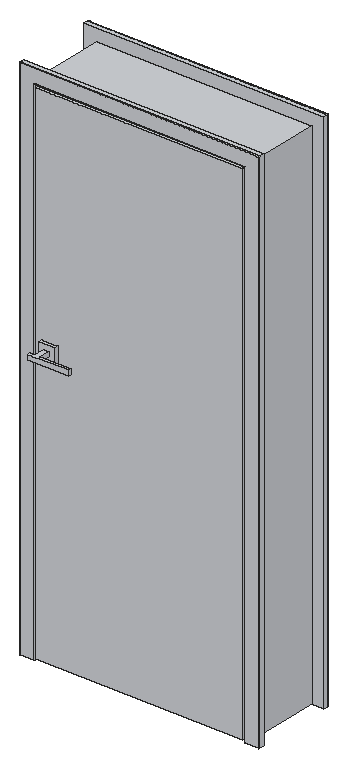
Revit family "Desire_1_bp", category Drzwi, Revit 2016
Family settings
  Obiekt nadrzędny = Ściana
  Zawsze pionowo = Tak
  Tnij formami wycięć po wczytaniu = Nie
  Współdzielony = Nie
  Punkt obliczania pomieszczeń = Nie
Parameters (values of type "80 cm x 202 cm")
  Zakres szerokości muru [instance] = if(and(Szerokość ściany > 94 mm, Szerokość ściany < 120 mm), "B", (if(and(Szerokość ściany > 119 mm, Szerokość ściany < 140 mm), "C", (if(and(Szerokość ściany > 139 mm, Szerokość ściany < 160 mm), "D", (if(and(Szerokość ściany > 159 mm, Szerokość ściany < 180 mm), "E", (if(and(Szerokość ściany > 179 mm, Szerokość ściany < 200 mm), "F", (if(and(Szerokość ściany > 199 mm, Szerokość ściany < 220 mm), "G", (if(and(Szerokość ściany > 219 mm, Szerokość ściany < 240 mm), "H", (if(and(Szerokość ściany > 239 mm, Szerokość ściany < 260 mm), "I", (if(and(Szerokość ściany > 259 mm, Szerokość ściany < 280 mm), "J", (if(and(Szerokość ściany > 279 mm, Szerokość ściany < 301 mm), "K", "BRAK")))))))))))))))))))  # "K"
  Wysokość brutto = 2060 mm
  Szerokość ściany [instance] = 300 mm
  Szerokość brutto = 880 mm
  Model = "Desire 1"  # constant formula
  Konstrukcja analityczna = "<Brak>"
  Funkcja = Wewnętrzna
  URL = "www.porta.com.pl"
  Ss = 818 mm
  Sb = 846 mm
  Producent = "PORTA KMI POLAND"  # constant formula
  Keynote = ""
  Opis = "Własność Porta KMI Poland, wszelkie prawa zastrzeżone."  # constant formula
  Wysokość = 2016 mm
  Zakończenie ściany = Wg obiektu nadrzędnego
  Szerokość = 800 mm
  Materiał_skrzydło [instance] = none
  Materiał_ościeżnica [instance] = none
  Materiał_klamka [instance] = none
  Hs = 2017 mm
Types (4, lengths in mm): name | Wysokość brutto | Szerokość brutto | Ss | Sb | Wysokość | Szerokość | Hs
  80 cm x 202 cm | 2060 | 880 | 818 | 846 | 2016 | 800 | 2017
  90 cm x 202 cm | 2060 | 980 | 918 | 946 | 2016 | 900 | 2017
  80 cm x 220 cm | 2243 | 880 | 818 | 846 | 2200 | 800 | 2200
  90 cm x 220 cm | 2243 | 980 | 918 | 946 | 2200 | 900 | 2200
Reference planes
  plane 1: y = 0
  plane 2 "Środek (Lewa/Prawa)": x = 0
  plane 3 "Lewy": x = -440
  plane 4 "Prawy": x = 440
  plane 5: z = 2060
  plane 6 "Zewnętrzna": y = 150
  plane 7 "Wewnętrzna": y = -150
  plane 8 "skrzydło": y = -129
  plane 9: x = -409
  plane 10: x = 409
Forms (mm)
  Sweep 1, solid, material <- "Materiał_ościeżnica"
    path in 3D
      loop
        line (-440, -150, 0) -> (-440, -150, 2060) -> (440, -150, 2060) -> (440, -150, 0)
    profile origin (-440, -150, 1030) x (0, -1, 0) y (1, 0, 0)
      loop
        line (-24, 39) -> (-72, 39) -> (-72, 17) -> (0, 17) -> (0, -33) -> (16, -33)
        arc (16, -33) -> (18.121, -32.121) -> (19, -30) r 3
        line (19, -30) -> (19, 24)
        arc (19, 24) -> (18.121, 26.121) -> (16, 27) r 3
        line (16, 27) -> (-24, 27) -> (-24, 39)
  Sweep 2, solid, material <- "Materiał_ościeżnica"
    path in 3D
      loop
        line (440, 150, 0) -> (440, 150, 2060) -> (-440, 150, 2060) -> (-440, 150, 0)
    profile origin (-440, 150, 1030) x (1, 0, 0) y (0, 1, 0)
      loop
        line (-33, 0) -> (17, 0) -> (17, -228) -> (39, -228) -> (39, -1)
        arc (39, -1) -> (37.536, 2.536) -> (34, 4) r 5
        line (34, 4) -> (25, 4) -> (25, 16)
        arc (25, 16) -> (24.121, 18.121) -> (22, 19) r 3
        line (22, 19) -> (-30, 19)
        arc (-30, 19) -> (-32.121, 18.121) -> (-33, 16) r 3
        line (-33, 16) -> (-33, 0)
Cuts and joins
  joined: Sweep 1, Sweep 2
Lines and regions (mm)
  Opening 1
    outline origin (-3050, -150, 0) x (1, 0, 0) y (0, 0, 1)
      loop
        line (2610, 0) -> (3490, 0) -> (3490, 2060) -> (2610, 2060) -> (2610, 0)
  sketch lines
    curve 1: line (-440, -150, 0) -> (-440, -150, 2060)
    curve 2: line (-440, -150, 2060) -> (440, -150, 2060)
    curve 3: line (440, -150, 2060) -> (440, -150, 0)
    curve 4: line (-440, 150, 2060) -> (-440, 150, 0)
    curve 5: line (440, 150, 2060) -> (-440, 150, 2060)
    curve 6: line (440, 150, 0) -> (440, 150, 2060)
  symbolic lines, style "DoorsPanelProjection"
    curve 7: line (409, -150, 0) -> (409, -968, 0)
    curve 8: line (409, -968, 0) -> (369, -968, 0)
    curve 9: line (369, -968, 0) -> (369, -150, 0)
    curve 10: line (369, -150, 0) -> (409, -150, 0)
  symbolic lines, style "Ugięcie rzutu"
    curve 11: arc (-409, -150, 0) -> (-169.413, -728.413, 0) -> (409, -968, 0) r 818
Text (mm)
  text "Zewnętrzna" at (-2295.016, 1099.543, 0), in view "Poziom odniesienia"
  text "Zewnętrzna" at (0, 1615.38, 3698.081), in view "Lewy"
  text "Zewnętrzna" at (0, 1036.032, 3874.932), in view "Prawy"
Dimensions and locks
  equal spacing: plane 3 "Lewy", plane 2 "Środek (Lewa/Prawa)", plane 4 "Prawy"
  "Szerokość brutto": plane 3 "Lewy" to plane 4 "Prawy"
  "Wysokość brutto": plane 5 to host wall
  host wall to plane 5 = 2060 mm  (x2)
  locked: plane 6 "Zewnętrzna" to host wall at 0
  locked: plane 7 "Wewnętrzna" to host wall
  "Sb": Sweep 1 to Sweep 1
  locked: Sweep 1 sketch curve to Sweep 1 sketch curve at 22
  Sweep 1 sketch curve to Sweep 1 sketch curve = 50 mm
  locked: Sweep 1 sketch curve to profile plane at 72
  locked: Sweep 2 sketch curve to Sweep 2 sketch curve at 50
  locked: Sweep 2 sketch curve to Sweep 2 sketch curve at 22
  locked: Sweep 2 sketch curve to plane 6 "Zewnętrzna" at 1
  locked: curve 9 to curve 7 at 40
  "Ss": curve 8 to curve 10
  equal spacing: curve 11, plane 2 "Środek (Lewa/Prawa)", curve 7
  locked: plane 7 "Wewnętrzna" to plane 8 "skrzydło" at 21
  nested 1 to plane 2 "Środek (Lewa/Prawa)" to nested 1 = 409 mm, 409 mm
  locked: nested 1 to level at 8
  "Szerokość ściany": host wall to host wall
  equal spacing: plane 9, plane 2 "Środek (Lewa/Prawa)", plane 10
  "Ss": plane 9 to plane 10
  aligned and locked: plane 3 "Lewy" to Opening 1 sketch curve
  aligned and locked: plane 5 to Opening 1 sketch curve  (x2)
  aligned and locked: Opening 1 sketch curve to plane 4 "Prawy"
  aligned and locked: Opening 1 sketch curve to level
  aligned and locked: plane 1 to host wall
  aligned and locked: Sweep 1 to Sweep 2 sketch curve
  aligned and locked: plane 7 "Wewnętrzna" to curve 10
  aligned and locked: Sweep 2 sketch curve to cut or joined group of Sweep 1, Sweep 2
  aligned and locked: nested 1 to plane 8 "skrzydło"
  aligned and locked: nested 1 to plane 9
Automatic sketch dimensions
  profile plane to Sweep 1 sketch curve = 24 mm
  Sweep 1 sketch curve to profile plane = 16 mm  (x2)
  Sweep 1 sketch curve to Sweep 1 sketch curve = 3 mm
  profile plane to Sweep 1 sketch curve = 17 mm
  Sweep 1 sketch curve to Sweep 1 sketch curve = 7 mm
  Sweep 1 sketch curve to profile plane = 0 mm
  Sweep 2 sketch curve to profile plane = 0 mm
  Sweep 2 sketch curve to profile plane = 16 mm
  Sweep 2 sketch curve to Sweep 2 sketch curve = 3 mm
  Sweep 2 sketch curve to Sweep 2 sketch curve = 5 mm
  Sweep 2 sketch curve to profile plane = 4 mm
  Sweep 2 sketch curve to Sweep 2 sketch curve = 8 mm
  curve 11 to host wall = 0 mm
Nested families
  nested 1: "skrzydło" at (0, -135.5, 0), type "skrzydło"
Definition of nested family "skrzydło"
  Parameters
    Ss = 818 mm
    Materiał_skrzydło = none
    Materiał_klamka = none
    Hs = 2017 mm
  Reference planes
    plane 1 "Tył": y = 6.5
    plane 2: z = 0
    plane 3 "Środek (Lewa/Prawa)": x = 0
    plane 4 "Przód": y = -33.5
    plane 5: z = 2025
    plane 6 "Centrum": y = -13.5
    plane 7: z = 8
    plane 8: x = -409
    plane 9: x = 409
  Forms (mm)
    Extrusion 1, solid, material <- "Materiał_skrzydło"
      sketch origin (-892.016, -13.5, 1200) x (-1, 0, 0) y (0, 0, 1)
        loop
          line (-483.016, -1192) -> (-483.016, 825) -> (-1301.016, 825) -> (-1301.016, -1192) -> (-483.016, -1192)
      from 20 to -20
  Dimensions and locks
    locked: plane 7 to level at 8
    "Hs": plane 5 to plane 7
    plane 7 to nested 2 = 1074 mm
    equal spacing: plane 4 "Przód", plane 6 "Centrum", plane 1 "Tył"
    "Ss": plane 8 to plane 9
    locked: plane 8 to nested 1 at 55
    locked: plane 8 to nested 2 at 55
    locked: nested 1 to plane 7 at 1104
    aligned and locked: nested 1 to plane 4 "Przód"
    aligned and locked: nested 2 to nested 1  (x2)
    aligned and locked: plane 8 to Extrusion 1 sketch curve
    aligned and locked: Extrusion 1 sketch curve to plane 9
    aligned and locked: Extrusion 1 to plane 4 "Przód"
    aligned and locked: Extrusion 1 to plane 1 "Tył"
  Automatic sketch dimensions
    Extrusion 1 sketch curve to plane 7 = 0 mm
    Extrusion 1 sketch curve to plane 5 = 0 mm
  Nested families
    nested 1: "KLAMKA" at (-344, -33.5, 1112), Materiał klamki <- "Materiał_klamka", type "KLAMKA"
      with Materiał klamki none
    nested 2: "KLAMKA" at (-344, 6.5, 1112), Materiał klamki <- "Materiał_klamka", type "KLAMKA"
      with Materiał klamki none
  Definition of nested family "KLAMKA"
    Parameters
      Materiał klamki [instance] = none
      Assembly Code = ""
      Default Elevation = 1219.2 mm
    Reference planes
      plane 1 "Center (Front/Back)": y = 0
      plane 2: z = 0
      plane 3 "Center (Left/Right)": x = -10
      plane 4: z = 30
      plane 5: z = -30
      plane 6: x = 20
      plane 7: x = -40
      plane 8: y = -70
      plane 9: y = -60
      plane 10: x = 0
      plane 11: x = -20
      plane 12: z = -10
      plane 13: z = 10
      plane 14: y = -15
    Forms (mm)
      Extrusion 1, solid, material <- "Materiał klamki"
        sketch origin (0, 0, 0) x (1, 0, 0) y (0, 0, 1)
          loop
            line (-40, 30) -> (-40, -30) -> (20, -30) -> (20, 30) -> (-40, 30)
        from 0 to 15
      Extrusion 2, solid, material <- "Materiał klamki"
        sketch origin (0, 0, 0) x (1, 0, 0) y (0, 1, 0)
          loop
            line (-20, -15) -> (-20, -60) -> (-40, -60) -> (-40, -70) -> (120, -70) -> (120, -60) -> (0, -60) -> (0, -15) -> (-20, -15)
        from -10 to 10
    Dimensions and locks
      plane 8 to plane 1 "Center (Front/Back)" = 70 mm
      plane 11 to plane 3 "Center (Left/Right)" to plane 10 = 10 mm locked, 10 mm locked
      plane 14 to plane 1 "Center (Front/Back)" = 15 mm
      equal spacing: plane 13, level, plane 12
      locked: level to plane 12 at 10
      equal spacing: plane 4, level, plane 5
      level to plane 5 = 30 mm
      equal spacing: plane 7, plane 3 "Center (Left/Right)", plane 6
      locked: plane 3 "Center (Left/Right)" to plane 7 at 30
      aligned and locked: plane 14 to Extrusion 1
      aligned and locked: Extrusion 1 to plane 1 "Center (Front/Back)"
      aligned and locked: plane 13 to Extrusion 2
      aligned and locked: Extrusion 2 to plane 12
    Automatic sketch dimensions
      Extrusion 1 sketch curve to plane 5 = 0 mm
      plane 7 to Extrusion 1 sketch curve = 0 mm
      Extrusion 1 sketch curve to plane 6 = 0 mm
      Extrusion 1 sketch curve to plane 4 = 0 mm
      Extrusion 2 sketch curve to plane 7 = 0 mm
      Extrusion 2 sketch curve to plane 9 = 0 mm  (x2)
      Extrusion 2 sketch curve to plane 11 = 0 mm
      Extrusion 2 sketch curve to plane 10 = 0 mm
      Extrusion 2 sketch curve to plane 8 = 0 mm
      plane 14 to Extrusion 2 sketch curve = 0 mm
      plane 6 to Extrusion 2 sketch curve = 100 mm
